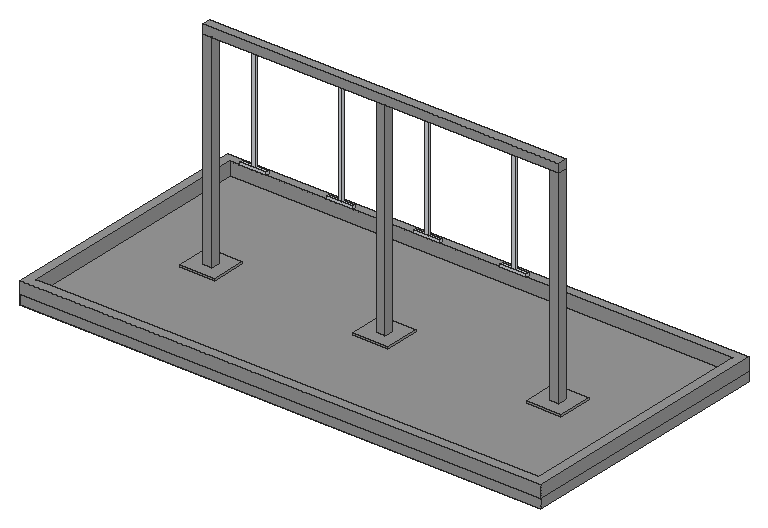
Revit family "TRX Susupension Frame", category Generic Models, Revit 2025
Family settings
  Can host rebar = No
  Round Connector Dimension = Use Diameter
  Part Type = Normal
  Work Plane-Based = No
  Always vertical = Yes
  Cut with Voids When Loaded = No
  Maintain Annotation Orientation = No
  Shared = No
  Room Calculation Point = No
Parameters
  Default Elevation = 0 mm
Reference planes
  plane 1 "Center (Front/Back)": y = 0
  plane 2: z = 0
  plane 3 "Center (Left/Right)": x = 0
Forms (mm)
  Extrusion 1, solid, material "Grass"
    sketch origin (0, 0, 0) x (1, 0, 0) y (0, 1, 0)
      loop
        line (0, 1500) -> (0, -1500) -> (6000, -1500) -> (6000, 1500) -> (0, 1500)
    from 0 to 100
  Extrusion 2, solid, material "Exposed Masonry"
    sketch origin (0, 0, 0) x (1, 0, 0) y (0, 1, 0)
      loop
        line (0, 1500) -> (0, -1500) -> (6000, -1500) -> (6000, 1500) -> (0, 1500)
      loop
        line (100, 1400) -> (100, -1400) -> (5900, -1400) -> (5900, 1400) -> (100, 1400)
    from 0 to 250
  Extrusion 3, solid, material "PEDESTALS"
    sketch origin (0, 0, 0) x (1, 0, 0) y (0, 1, 0)
      loop
        line (800, 200) -> (800, -200) -> (1200, -200) -> (1200, 200) -> (800, 200)
      loop
        line (2800, 200) -> (2800, -200) -> (3200, -200) -> (3200, 200) -> (2800, 200)
      loop
        line (4800, 200) -> (4800, -200) -> (5200, -200) -> (5200, 200) -> (4800, 200)
    from 100 to 120
  Extrusion 4, solid, material "Default New Material"
    sketch origin (0, 0, 0) x (1, 0, 0) y (0, 1, 0)
      loop
        line (950, 50) -> (950, -50) -> (1050, -50) -> (1050, 50) -> (950, 50)
      loop
        line (2950, 50) -> (2950, -50) -> (3050, -50) -> (3050, 50) -> (2950, 50)
      loop
        line (4950, 50) -> (4950, -50) -> (5050, -50) -> (5050, 50) -> (4950, 50)
    from 100 to 2500
  Extrusion 5, solid, material "STEEL"
    sketch origin (0, 0, 0) x (1, 0, 0) y (0, 1, 0)
      loop
        line (950, 50) -> (950, -50) -> (5050, -50) -> (5050, 50) -> (950, 50)
    from 2500 to 2600
  Extrusion 6, solid
    sketch origin (0, 0, 0) x (1, 0, 0) y (0, 1, 0)
      loop
        line (1520, 10) -> (1480, 10) -> (1480, -10) -> (1520, -10) -> (1520, 10)
      loop
        line (3520, 10) -> (3480, 10) -> (3480, -10) -> (3520, -10) -> (3520, 10)
      loop
        line (4520, 10) -> (4480, 10) -> (4480, -10) -> (4520, -10) -> (4520, 10)
      loop
        line (2520, 10) -> (2480, 10) -> (2480, -10) -> (2520, -10) -> (2520, 10)
    from 1300 to 2500
  Extrusion 7, solid
    sketch origin (0, 0, 0) x (1, 0, 0) y (0, 1, 0)
      loop
        line (1350, 15) -> (1350, -15) -> (1650, -15) -> (1650, 15) -> (1350, 15)
      loop
        line (3350, 15) -> (3350, -15) -> (3650, -15) -> (3650, 15) -> (3350, 15)
      loop
        line (4350, 15) -> (4350, -15) -> (4650, -15) -> (4650, 15) -> (4350, 15)
      loop
        line (2350, 15) -> (2350, -15) -> (2650, -15) -> (2650, 15) -> (2350, 15)
    from 1270 to 1300
Dimensions and locks
  aligned and locked: level to plane 2
